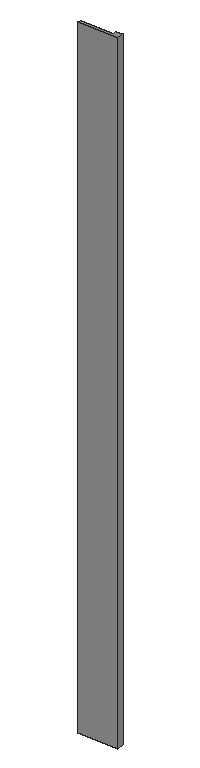
Revit family "Curved Walls L-Bend Finished Edge", category Generic Models, Revit 2016
Family settings
  Part Type = Normal
  Can host rebar = No
  Round Connector Dimension = Use Diameter
  Work Plane-Based = Yes
  Always vertical = No
  Cut with Voids When Loaded = No
  Shared = No
  Room Calculation Point = No
Parameters (values of type "5/8" Thk. x 6" W x 3" EH x 1" ER")
  URL = "www.curvedwalls.ca"
  Manufacturer = "Curved Walls Inc"
  Length (Standard 8',9',10) [instance] = 8' - 0"
  GWB Thickness (1/2" or 5/8") = 0' - 0 1/2"
  Description = "Prefabricated Drywall Profiles"
  Default Elevation = 0' - 0"
  C Edge Return = 0' - 1"
  B - Exposed Edge Height (Min 1") = 0' - 1"
  Blocking Visible [instance] = yes
  A Shelf Width (Min 2" Max 12" Without additional reinforcement) = 0' - 6"
Types (2): name | C Edge Return | B - Exposed Edge Height (Min 1") | Blocking Visible | A Shelf Width (Min 2" Max 12" Without additional reinforcement)
  1/2" Thk. x 8" W x 2" EH x 2" ER | 0' - 2" | 0' - 2" | no | 0' - 8"
  5/8" Thk. x 6" W x 3" EH x 1" ER | 0' - 1" | 0' - 1" | yes | 0' - 6"
Reference planes (in)
  plane 1 "Center (Front/Back)": y = 0
  plane 2: z = 0
  plane 3 "Center (Left/Right)": x = 0
  plane 4: y = 0.5
  plane 5: x = 6
  plane 6: x = 5.5
  plane 7: y = 0.5
  plane 8: y = 1
  plane 9: x = 5
  plane 10: z = 96
Forms (in)
  Extrusion 1, solid, material "Gypsum Wall Board - Curved Walls"
    sketch origin (0, 0, 0) x (1, 0, 0) y (0, 1, 0)
      loop
        line (0, 0.5) -> (0, 0) -> (6, 0) -> (6, 0.5) -> (0, 0.5)
    from 0 to 96
  Extrusion 2, solid, material "Gypsum Wall Board - Curved Walls"
    sketch origin (0, 0, 0) x (1, 0, 0) y (0, 1, 0)
      loop
        line (6, 1) -> (5.5, 1) -> (5.5, 0) -> (6, 0) -> (6, 1)
    from 0 to 96
  Extrusion 3, solid, material "Gypsum Wall Board - Curved Walls"
    sketch origin (0, 0, 0) x (1, 0, 0) y (0, 1, 0)
      loop
        line (5, 0.5) -> (6, 0.5) -> (6, 1) -> (5, 1) -> (5, 0.5)
    from 0 to 96
Cuts and joins
  joined: Extrusion 1, Extrusion 2, Extrusion 3
Dimensions and locks (in)
  "GWB Thickness (1/2" or 5/8")": plane 1 "Center (Front/Back)" to plane 4
  "GWB Thickness (1/2" or 5/8")": plane 7 to plane 8
  "GWB Thickness (1/2" or 5/8")": plane 6 to plane 5
  "A Shelf Width (Min 2" Max 12" Without additional reinforcement)": plane 3 "Center (Left/Right)" to plane 5
  "B - Exposed Edge Height (Min 1")": plane 1 "Center (Front/Back)" to plane 8
  "C Edge Return": plane 9 to plane 5
  "Length (Standard 8',9',10)": plane 10 to level
  aligned and locked: plane 2 to level
  aligned and locked: Extrusion 1 sketch curve to plane 3 "Center (Left/Right)"
  aligned and locked: Extrusion 1 sketch curve to plane 1 "Center (Front/Back)"
  aligned and locked: Extrusion 1 sketch curve to plane 4
  aligned and locked: Extrusion 1 sketch curve to plane 5
  aligned and locked: Extrusion 2 sketch curve to plane 5
  aligned and locked: plane 6 to Extrusion 2 sketch curve
  aligned and locked: Extrusion 3 sketch curve to plane 7
  aligned and locked: plane 9 to Extrusion 3 sketch curve
  aligned and locked: plane 8 to Extrusion 3 sketch curve
  aligned and locked: Extrusion 3 sketch curve to plane 5
  aligned and locked: plane 10 to Extrusion 1
  aligned and locked: Extrusion 3 to Extrusion 1
  aligned and locked: Extrusion 2 to Extrusion 3
  aligned and locked: plane 3 "Center (Left/Right)" to nested 1
  aligned and locked: plane 1 "Center (Front/Back)" to nested 1
  aligned and locked: nested 2 to plane 4
  aligned and locked: plane 10 to cut or joined group of Extrusion 1, Extrusion 2, Extrusion 3
  aligned and locked: nested 1 to nested 2
Automatic sketch dimensions
  Extrusion 2 sketch curve to plane 4 = 0' - 0 1/2"
  Extrusion 2 sketch curve to plane 7 = 0' - 0 1/2"
Nested families (in)
  nested 1: "L-Bend Finished Edge Detail Component" at (0, 0, 0), type "1/2" Thick Drywall", detail levels medium+fine
  nested 2: "M_Nominal Cut Lumber-Section" at (0, 0.5, 0), visible <- "Blocking Visible", type "1.5" x 1.5""
Definition of nested family "L-Bend Finished Edge Detail Component"
  Parameters (values of type "1/2" Thick Drywall")
    Drywall Thickness = 0' - 0 1/2"
    C Return = 0' - 2"
    B Exposed Edge (Min 1") = 0' - 2"
    A Shelf Depth = 0' - 8"
  Reference planes (in)
    plane 1 "Center (Front/Back)": y = 0
    plane 2: z = 0
    plane 3 "Center (Left/Right)": x = 0
    plane 4: y = 0.5
    plane 5: x = 7.5
    plane 6: y = 2
    plane 7: x = 8
    plane 8: x = 6
    plane 9: y = 1.5
    plane 10: y = 12
  Lines and regions (in)
    Filled region 1, type "Gypsum", in view "Ref. Level"
      outline origin (0, 0, 0) x (1, 0, 0) y (0, 1, 0)
        loop
          line (0, 0.5) -> (0, 0) -> (8, 0) -> (8, 0.5) -> (7.5, 0.5) -> (0, 0.5)
    Filled region 2, type "Gypsum", in view "Ref. Level"
      outline origin (0, 0, 0) x (1, 0, 0) y (0, 1, 0)
        loop
          line (7.51563, 2) -> (7.51563, 0.5) -> (8, 0.5) -> (8, 2) -> (7.51563, 2)
    Filled region 3, type "Gypsum", in view "Ref. Level"
      outline origin (0, 0, 0) x (1, 0, 0) y (0, 1, 0)
        loop
          line (6, 2) -> (6, 1.51562) -> (8, 1.51562) -> (8, 2) -> (6, 2)
  Dimensions and locks (in)
    "Drywall Thickness": plane 4 to plane 1 "Center (Front/Back)"
    "Drywall Thickness": plane 5 to plane 7
    "C Return": plane 8 to plane 7
    "B Exposed Edge (Min 1")": plane 1 "Center (Front/Back)" to plane 6
    "Drywall Thickness": plane 9 to plane 6
    "A Shelf Depth": plane 3 "Center (Left/Right)" to plane 7
    plane 5 to Filled region 2 sketch curve = 0' - 0 1/64"
    plane 9 to Filled region 3 sketch curve = 0' - 0 1/64"
    aligned and locked: Filled region 1 sketch curve to plane 1 "Center (Front/Back)"
    aligned and locked: Filled region 1 sketch curve to plane 4  (x2)
    aligned and locked: Filled region 1 sketch curve to plane 7
    aligned and locked: Filled region 2 sketch curve to plane 6
    aligned and locked: Filled region 2 sketch curve to Filled region 1  (x2)
    aligned and locked: Filled region 3 sketch curve to plane 6
    aligned and locked: plane 7 to Filled region 3
    aligned and locked: plane 8 to Filled region 3 sketch curve
    aligned and locked: Filled region 1 sketch curve to plane 3 "Center (Left/Right)"
  Automatic sketch dimensions
    Filled region 1 sketch curve to plane 5 = 0' - 0"
    Filled region 3 sketch curve to plane 7 = 0' - 0"
Definition of nested family "M_Nominal Cut Lumber-Section"
  Parameters (values of type "1.5" x 1.5"")
    Width = 0' - 1 1/2"
    Depth = 0' - 1 1/2"
  Reference planes (in)
    plane 1 "Center (Front/Back)": y = 0
    plane 2: z = 0
    plane 3 "Center (Left/Right)": x = 0
    plane 4: y = 1.5
    plane 5: x = 1.5
  Lines and regions (in)
    Masking region 1, in view "Ground floor"
      outline origin (0, 0, 0) x (1, 0, 0) y (0, 1, 0)
        loop
          line (0, 1.5) -> (0, 0) -> (1.5, 0) -> (1.5, 1.5) -> (0, 1.5)
    detail lines, in view "Ground floor"
      curve 1: line (1.5, 1.5, 0) -> (0, 0, 0)
      curve 2: line (1.5, 0, 0) -> (0, 1.5, 0)
  Dimensions and locks (in)
    "Width": plane 3 "Center (Left/Right)" to plane 5
    "Depth": plane 4 to plane 1 "Center (Front/Back)"
    aligned and locked: Masking region 1 sketch curve to plane 1 "Center (Front/Back)"
    aligned and locked: plane 5 to Masking region 1 sketch curve
    aligned and locked: Masking region 1 sketch curve to plane 4
    aligned and locked: plane 3 "Center (Left/Right)" to Masking region 1 sketch curve
    aligned and locked: Masking region 1 to curve 1  (x2)
    aligned and locked: curve 2 to Masking region 1  (x2)
  Automatic sketch dimensions
    curve 2 to plane 1 "Center (Front/Back)" = 0' - 0"
    curve 1 to plane 1 "Center (Front/Back)" = 0' - 0"
    curve 2 to plane 4 = 0' - 0"
    curve 1 to plane 4 = 0' - 0"
